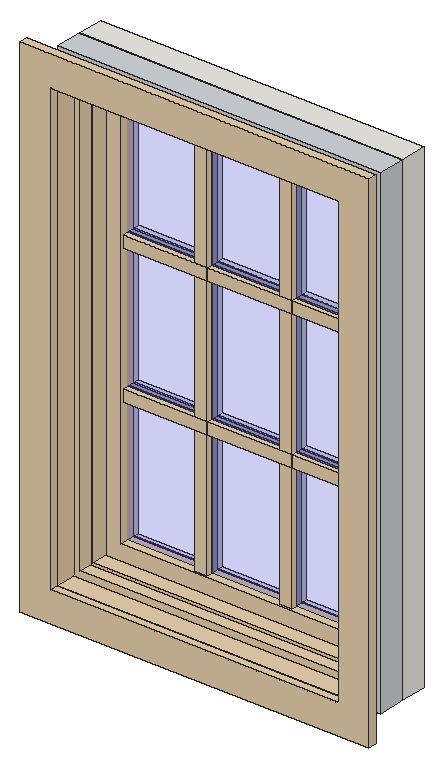
Revit family "Window-Casement_Fixed-Andersen-E_Series 2", category Windows, host Wall, Revit 2013
Parameters
  Learn About These Parameters = "http://www.andersenwindows.com/for-professionals/cad-symbols-bim-support-window-doors/bim-support"
  LWide = if(Enter Pattern Number = 1, . . Lights Wide, if(Enter Pattern Number = 3, . . .Lights Wide, 3))  # 3
  Glazing Material = Glass ‐ Andersen - Low-E4 SmartSun
  Enter Jamb Condition = 1
  ..Jamb Condition Number 1 = "Extension Jamb Only"  # constant formula
  ..Jamb Condition Number 2 = "Step Jamb"  # constant formula
  ..Jamb Condition Number 3 = "1 Piece Step Jamb"  # constant formula
  ..Jamb Condition Number 4 = "7/16'' Drywall Return"  # constant formula
  ..Jamb Condition Number 5 = "9/16'' Drywall Return"  # constant formula
  ..Jamb Condition Number 6 = "11/16'' Drywall Return"  # constant formula
  Available Grille Bar Sizes = "5/8'', 7/8'', 1 1/8'', 1 1/2'', 2 1/4''"  # constant formula
  Between Glass Grille Bar Sizes = "5/8'', 1''"  # constant formula
  Interior Casing = yes
  Grille Bar Size = 0' - 0 7/8"
  Enter Pattern Number = 1
  ..Pattern Number 1 = "Traditional"  # constant formula
  . . Lights Wide = 3
  . . Lights High = 3
  ..Pattern Number 2 = "Prairie"  # constant formula
  ..Pattern Number 3 = "Craftsman"  # constant formula
  . . .Lights Wide = 3
  Extension Jamb = yes
  . . .Lights High = 1
  . . .Bottom Bar Location = 1' - 6"
  . . .Bottom Bar Size = 0' - 0 7/8"
  Enter Exterior Trim Number = 0
  ..Exterior Trim Number 0 = "No Exterior Trim"  # constant formula
  ..Exterior Trim Number 1 = "2'' Brick Mould (A753)"  # constant formula
  ..Exterior Trim Number 2 = "2'' Ovolo Brick Mould (A754)"  # constant formula
  ..Exterior Trim Number 3 = "3 1/2'' Brick Mould (A755)"  # constant formula
  ..Exterior Trim Number 4 = "3 1/2'' Backband & Bead Casing (A756)"  # constant formula
  ..Exterior Trim Number 5 = "3 1/2'' Flat Casing (A75B)"  # constant formula
  ..Exterior Trim Number 6 = "5 1/2'' Flat Casing (A758)"  # constant formula
  Interior Grille Bar = yes
  Exterior Grille Bar = yes
  Between Glass Grille Bar = yes
  xjamb Visibility [instance] = and(or(and(or(Enter Jamb Condition = 1, Enter Jamb Condition = 2), Wall Depth > 0' 2 7/8"), and(Enter Jamb Condition = 3, Wall Depth > 0' 4 9/16")), Extension Jamb)  # yes
  xjamb S1 [instance] = if(and(Wall Depth > 0' 4 9/16", Enter Jamb Condition = 3), Wall Depth - 0' 4 9/16", if(Wall Depth > 0' 3", Wall Depth - 0' 2 7/8", 0' 3"))  # 0' - 1 11/16"
  sill nose1 = if(or(Enter Exterior Trim Number = 2, Enter Exterior Trim Number = 3), 0' 2 3/4", 0' 1 7/8")  # 0' - 1 7/8"
  sill nose 2 = 0' - 1 1/8"  # constant formula
  casingS2 = if(Enter Exterior Trim Number = 3, 0' 0 7/8", 0' 0 3/8")  # 0' - 0 3/8"
  casingS1 = if(Enter Exterior Trim Number = 1, 0' 0 5/8", if(or(Enter Exterior Trim Number = 2, Enter Exterior Trim Number = 3), 0' 1 1/2", 0' 0 3/8"))  # 0' - 0 3/8"
  casing4 = if(or(Enter Exterior Trim Number = 1, Enter Exterior Trim Number = 2), 0' 1 5/8", if(Enter Exterior Trim Number = 6, 0' 5 1/8", 0' 3 1/8"))  # 0' - 3 1/8"
  casing3 = if(Enter Exterior Trim Number = 1, 0' 0 3/8", if(Enter Exterior Trim Number = 2, 0' 0 5/16", 0' 0 9/16"))  # 0' - 0 9/16"
  casing2 = if(Enter Exterior Trim Number = 1, 0' 0 7/8", if(Enter Exterior Trim Number = 2, 0' 1 9/16", 0' 1 7/16"))  # 0' - 1 7/16"
  casing1 = 0' - 0 1/4"  # constant formula
  Xjamb 2 = if(or(Enter Jamb Condition = 2, Enter Jamb Condition = 3), 0' 0 1/32", 0' 0 11/16")  # 0' - 0 11/16"
  Xjamb 1 = if(or(Enter Jamb Condition = 2, Enter Jamb Condition = 3), 0' 0 5/8", 0' 1 9/32")  # 0' - 1 9/32"
  Wall Thickness [instance] = 0' - 6"
  Wall Depth [instance] = 0' - 4 9/16"
  Void Offset 2 = if(Enter Exterior Trim Number > 0, 0' 1 1/8", 0' 0")  # 0' - 0"
  Void Offset 1 = if(Enter Exterior Trim Number > 0, casing4, 0' 0")  # 0' - 0"
  Void Depth [instance] = if(Wall Thickness > Wall Depth, 0' 1" + Wall Thickness - Wall Depth, 0' 1")  # 0' - 2 7/16"
  VeriLock Sensor [instance] = no
  VGB DLO = if(Enter Pattern Number = 2, 0' 4", (H DLO - (Grille Bar Size * (V Bars))) / if(LWide > 2, LWide, 3))  # 0' - 5.39583"
  V Bars = if(LWide > 2, LWide - 1, 2)  # 2
  URL = "www.eaglewindow.com"
  Type Comments = "Aluminum-clad wood fixed casement window"
  TS V DLO = Height - HGO - SGO  # 2' - 5 15/16"
  TS V Bar Length = if(Enter Pattern Number = 3, . . .Bottom Bar Location - HGO - (. . .Bottom Bar Size / 2), Height - HGO - SGO)  # 2' - 5 15/16"
  TS SH DLO = if(Enter Pattern Number = 3, . . .Bottom Bar Location, (TS V DLO / 2) + HGO)  # 1' - 6"
  TS S V = LWide = 2  # no
  TS S H Craftsman = and(Enter Pattern Number = 3, . . .Lights High = 2)  # no
  TS S H = or(and(. . Lights High = 2, or(or(Enter Pattern Number = 3), Enter Pattern Number = 1)), Enter Pattern Number = 3)  # no
  TS M V = or(or(and(LWide > 2, Enter Pattern Number = 1), Enter Pattern Number = 2), and(LWide > 2, Enter Pattern Number = 3))  # yes
  TS M H = or(or(and(. . Lights High > 2, Enter Pattern Number = 1), Enter Pattern Number = 2), and(. . .Lights High > 2, Enter Pattern Number = 3))  # yes
  TS HGB DLO = if(Enter Pattern Number = 2, 0' 4", if(and(Enter Pattern Number = 3, . . .Lights High > 2), (TS V Bar Length - (Grille Bar Size * (. . .Lights High - 1))) / . . .Lights High, if(. . Lights High > 2, (TS V Bar Length - (Grille Bar Size * (. . Lights High - 1))) / . . Lights High, 0' 4")))  # 0' - 9.39583"
  TS H Bars = if(Enter Pattern Number = 2, 2, if(and(Enter Pattern Number = 3, . . .Lights High > 2), . . .Lights High - 1, if(. . Lights High > 2, . . Lights High - 1, 2)))  # 2
  Step Visibility = or(or(or(or(Enter Jamb Condition = 2, Enter Jamb Condition = 3), Enter Jamb Condition = 4), Enter Jamb Condition = 5), Enter Jamb Condition = 6)  # no
  Step Jamb2 = if(Enter Jamb Condition = 2, 0' 0 21/32", if(Enter Jamb Condition = 3, 0' 1 11/16", if(Enter Jamb Condition = 4, 0' 0 7/16", if(Enter Jamb Condition = 5, 0' 0 9/16", 0' 0 11/16"))))  # 0' - 0 11/16"
  Step Jamb1 = if(Enter Jamb Condition = 2, 0' 0 21/32", 0' 1 9/32")  # 0' - 1 9/32"
  Sill Stop Dim [instance] = 0' - 2 25/32"
  SGO = 0' - 3 1/32"  # constant formula
  Rough Width = Width + (Rough Opening Offset * 2)  # 2' - 0 1/2"
  Rough Opening Offset = 0' - 0 1/4"
  Rough Height = Height + (Rough Opening Offset * 2)  # 3' - 0 1/2"
  Push Out Stop Visibility [instance] = no
  Product Documentation Link = "http://www.eaglewindow.com/_Products/Eagle-Axiom-Casement-Windows.aspx"
  Plan Exterior Mask Visibility [instance] = Plan Exterior Mask 2 > 0' 0 1/32"  # yes
  Plan Exterior Mask 2 [instance] = if(Enter Exterior Trim Number > 0, if(Wall Depth + 0' 1 1/16" + casingS1 > Wall Thickness, 0' 0 1/32", Wall Thickness - Wall Depth - 0' 1 1/16" - casingS1), if(Wall Depth + 0' 1 1/16" > Wall Thickness, 0' 0 1/32", Wall Thickness - Wall Depth - 0' 0 1/16"))  # 0' - 1 3/8"
  Plan Exterior Mask [instance] = if(Enter Exterior Trim Number > 0, 0' 1 1/16" + casingS1, 0' 1 1/16")  # 0' - 1 1/16"
  Nail Fin Visibility = Enter Exterior Trim Number = 0  # yes
  Model = "E-Series Fixed Casement"  # constant formula
  Masonry Width = if(Enter Exterior Trim Number > 0, Width + ((casing4 + Masonry Opening Offset) * 2), Width + (Masonry Opening Offset * 2))  # 2' - 0 1/2"
  Masonry Opening Offset = 0' - 0 1/4"
  Masonry Height = if(Enter Exterior Trim Number > 0, Height + (casing4 + Masonry Opening Offset) + (sill nose 2 + Masonry Opening Offset), Height + (Masonry Opening Offset * 2))  # 3' - 0 1/2"
  Manufacturer = "Andersen Corporation"  # constant formula
  JGO = 0' - 3 1/32"  # constant formula
  Interior Trim Visibility = and(or(or(Enter Jamb Condition = 1, Enter Jamb Condition = 2), Enter Jamb Condition = 3), Interior Casing)  # yes
  Interior Material = Wood - Andersen - Pine
  Interior Casing Size = 0' - 2 1/4"
  Horizontal Craftsman Bar Size = if(Enter Pattern Number = 3, . . .Bottom Bar Size, Grille Bar Size)  # 0' - 0 7/8"
  Height = 3' - 0"
  Head Stop Dim [instance] = 0' - 1 7/8"
  HGO = 0' - 3 1/32"  # constant formula
  H DLO = Width - (JGO * 2)  # 1' - 5 15/16"
  Family Version = "06.01.14"  # constant formula
  Exterior Trim Finish = Aluminum - Andersen - Painted - White
  Exterior Sash Finish = Aluminum - Andersen - Painted - White
  Exterior Grille Bar Finish = Aluminum - Andersen - Painted - White
  Exterior Frame Finish = Aluminum - Andersen - Painted - White
  Designation = "CMT2030"
  Description = "Aluminum-clad wood fixed casement window"  # constant formula
  Default Sill Height = 6' 10 1/2" - Rough Height  # 3' - 10"
  Wall Closure = By host
  Width = 2' - 0"
  Crank Out Stop Visibility [instance] = yes
  Coarse Plan [instance] = if(Wall Depth < Wall Thickness, Wall Depth, Wall Thickness)  # 0' - 4 9/16"
  Casing Visibility = Enter Exterior Trim Number > 0  # no
  Between Glass Grille Bar Finish = Stainless Steel - Andersen - Standard
  Bar Center Line = if(Enter Pattern Number = 3, 1, 2)  # 2
  Assembly Code = "B2020100"
Reference planes (in)
  plane 1 "Center (Front/Back)": y = 0
  plane 2: z = 0
  plane 3 "Center (Left/Right)": x = 0
  plane 4 "R Frame": x = -12
  plane 5 "L Frame": x = 12
  plane 6 "B Frame": z = 46.25
  plane 7 "T Frame": z = 82.25
  plane 8 "L Glazing": x = 8.96875
  plane 9 "L Ext Frame": x = 11.43719
  plane 10 "L Stop": x = 10.0625
  plane 11 "L Xjamb 1": x = 10.71875
  plane 12 "L Casing 1": x = 11.75
  plane 13 "L Xjamb 2": x = 11.3125
  plane 14 "L Rough Opening": x = 12.25
  plane 15 "L Casing 2": x = 13.6875
  plane 16 "L Casing 3": x = 14.5625
  plane 17 "L Casing 4": x = 15.125
  plane 18 "R Glazing": x = -8.96875
  plane 19 "R Ext Frame": x = -11.43719
  plane 20 "R Stop": x = -10.0625
  plane 21 "R Xjamb 1": x = -10.71875
  plane 22 "R Casing 1": x = -11.75
  plane 23 "R Xjamb 2": x = -11.3125
  plane 24 "R Rough Opening": x = -12.25
  plane 25 "R Casing 2": x = -13.6875
  plane 26 "R Casing 3": x = -14.5625
  plane 27 "R Casing 4": x = -15.125
  plane 28 "R Int Casing": x = -12.96875
  plane 29 "T Glazing": z = 79.21875
  plane 30 "T Ext Frame": z = 81.68689
  plane 31 "T Xjamb 1": z = 80.96875
  plane 32 "T Casing 1": z = 82
  plane 33 "T Xjamb 2": z = 81.5625
  plane 34 "T Rough Opening": z = 82.5
  plane 35 "T Casing 2": z = 83.9375
  plane 36 "T Casing 3": z = 84.8125
  plane 37 "T Casing 4": z = 85.375
  plane 38 "T Int Casing": z = 83.21875
  plane 39 "B Glazing": z = 49.28125
  plane 40 "B Ext Frame": z = 46.81311
  plane 41 "B Xjamb 2": z = 46.9375
  plane 42 "B Casing 1": z = 46.5
  plane 43 "B Casing 2": z = 45.125
  plane 44 "B Int Casing": z = 45.28125
  plane 45 "L Int Casing": x = 12.96875
  plane 46 "Casing S1": y = 3
  plane 47 "Casing S2": y = 3
  plane 48 "Frame S1": y = 2.625
  plane 49 "Flange": y = 1.5625
  plane 50 "Glass1 S1": y = 1.89325
  plane 51 "Glass1 S2": y = 1.76825
  plane 52 "Glass1 S3": y = 1.39325
  plane 53 "Glass1 S4": y = 1.26825
  plane 54 "Sash1 S2": y = 0.68575
  plane 55 "Frame S2": y = -1.317
  plane 56 "B Xjamb 1": z = 47.53125
  plane 57 "Exterior Offset": y = 4
  plane 58 "Interior Casing": y = -3.625
  plane 59 "Vertical Bar Length": z = 49.28125
  plane 60 "B Rough Opening": z = 46
  plane 61 "R Masonry Opening": x = -15.375
  plane 62 "L Masonry Opening": x = 15.375
  plane 63 "T Masonry Opening": z = 85.625
  plane 64 "B Masonry Opening": z = 44.875
  plane 65 "Xjamb S1": y = -1.3125
  plane 66 "Sash1 S1": y = 2.26825
  plane 67 "R Sash": x = -11.24846
  plane 68 "L Sash": x = 11.24846
  plane 69 "Stop S1": y = -1.505
  plane 70 "B Sash": z = 46.99975
  plane 71 "T Sash": z = 81.5
  plane 72 "T Int Frame": z = 80.9375
  plane 73 "B Int Frame": z = 47.5625
  plane 74 "L Int Frame": x = 10.6875
  plane 75 "R Int Frame": x = -10.6875
  plane 76 "T Stop": z = 80.375
  plane 77 "B Stop": z = 49.03125
Forms (in)
  Extrusion 1, void
    sketch origin (0, 0, 0) x (1, 0, 0) y (0, 0, 1)
      loop
        line (12, 82.25) -> (-12, 82.25) -> (-12, 46.25) -> (12, 46.25) -> (12, 82.25)
    from -1.5625 to 3
  Extrusion 2, void
    sketch origin (0, 0, 0) x (1, 0, 0) y (0, 0, 1)
      loop
        line (12, 82.25) -> (-12, 82.25) -> (-12, 46.25) -> (12, 46.25) -> (12, 82.25)
    from -15 to -1.5625
  Extrusion 3, solid, material "Wood - Andersen - Pine" <- "Interior Material", visible <- "xjamb Visibility", detail levels medium+fine
    sketch origin (0, -2.5625, 0) x (-1, 0, 0) y (0, 0, 1)
      loop
        line (11.3125, 81.5625) -> (-11.3125, 81.5625) -> (-11.3125, 46.9375) -> (11.3125, 46.9375) -> (11.3125, 81.5625)
      loop
        line (10.71875, 80.96875) -> (-10.71875, 80.96875) -> (-10.71875, 47.53125) -> (10.71875, 47.53125) -> (10.71875, 80.96875)
    from 1.25 to -0.4375
  Extrusion 4, solid, material "Wood - Andersen - Pine" <- "Interior Material", visible <- "Interior Trim Visibility", detail levels fine
    sketch origin (0, -3.625, 0) x (-1, 0, 0) y (0, 0, 1)
      loop
        line (12.96875, 83.21875) -> (-12.96875, 83.21875) -> (-12.96875, 45.28125) -> (12.96875, 45.28125) -> (12.96875, 83.21875)
      loop
        line (10.71875, 80.96875) -> (-10.71875, 80.96875) -> (-10.71875, 47.53125) -> (10.71875, 47.53125) -> (10.71875, 80.96875)
    from 0 to 0.625
  Extrusion 5, solid, material "Aluminum - Andersen - Painted - White" <- "Exterior Trim Finish", visible <- "Casing Visibility", detail levels medium+fine
    sketch origin (0, 0, 0) x (0, 1, 0) y (0, 0, 1)
      loop
        line (2.625, 46.5) -> (1.5625, 46.5) -> (1.5625, 45.125) -> (3.4375, 45.125) -> (3.4375, 46.38581) -> (2.625, 46.5)
    from -15.125 to 15.125
  Sweep 6, solid, material "Aluminum - Andersen - Painted - White" <- "Exterior Trim Finish", visible <- "Casing Visibility", detail levels medium+fine
    path origin (0, 1.5625, 0) x (-1, 0, 0) y (0, 0, 1)
      loop
        line (-15.125, 45.125) -> (-15.125, 85.375) -> (15.125, 85.375) -> (15.125, 45.125)
    profile origin (15.125, 1.5625, 65.25) x (1, 0, 0) y (0, 1, 0)
      loop
        line (-1.4375, 1.4375) -> (-3.375, 1.4375) -> (-3.375, 0) -> (0, 0) -> (0, 1.4375) -> (-0.5625, 1.4375) -> (-1.4375, 1.4375)
  Extrusion 7, solid, material "Aluminum - Andersen - Painted - White" <- "Exterior Trim Finish", visible <- "Casing Visibility", detail levels coarse
    sketch origin (0, 1.5625, 0) x (-1, 0, 0) y (0, 0, 1)
      loop
        line (-15.125, 85.375) -> (-15.125, 45.125) -> (15.125, 45.125) -> (15.125, 85.375) -> (-15.125, 85.375)
      loop
        line (-11.75, 82) -> (-11.75, 46.5) -> (11.75, 46.5) -> (11.75, 82) -> (-11.75, 82)
    from 0 to 1.4375
  Extrusion 8, solid, material "Wood - Andersen - Pine" <- "Interior Material"
    sketch origin (0, 0.68575, 0) x (-1, 0, 0) y (0, 0, 1)
      loop
        line (11.24846, 81.5) -> (-11.24846, 81.5) -> (-11.24846, 46.99975) -> (11.24846, 46.99975) -> (11.24846, 81.5)
      loop
        line (8.96875, 79.21875) -> (-8.96875, 79.21875) -> (-8.96875, 49.28125) -> (8.96875, 49.28125) -> (8.96875, 79.21875)
    from 0 to 1.2075
  Extrusion 9, solid, material "Aluminum - Andersen - Painted - White" <- "Exterior Sash Finish"
    sketch origin (0, 80.71747, 0) x (-1, 0, 0) y (0, 0, 1)
      loop
        line (-8.96875, 79.21875) -> (-8.96875, 49.28125) -> (8.96875, 49.28125) -> (8.96875, 79.21875) -> (-8.96875, 79.21875)
      loop
        line (-11.24846, 46.99975) -> (11.24846, 46.99975) -> (11.24846, 81.5) -> (-11.24846, 81.5) -> (-11.24846, 46.99975)
    from -78.44922 to -78.82422
  Extrusion 10, solid, material "Glass ‐ Andersen - Low-E4 SmartSun" <- "Glazing Material"
    sketch origin (0, 1.26825, 0) x (-1, 0, 0) y (0, 0, 1)
      loop
        line (-8.96875, 79.21875) -> (-8.96875, 49.28125) -> (8.96875, 49.28125) -> (8.96875, 79.21875) -> (-8.96875, 79.21875)
    from 0 to 0.625
  Extrusion 11, solid, material "Aluminum - Andersen - Painted - White" <- "Exterior Frame Finish"
    sketch origin (0, 0, 0) x (1, 0, 0) y (0, 0, 1)
      loop
        line (12, 82.25) -> (-12, 82.25) -> (-12, 46.25) -> (12, 46.25) -> (12, 82.25)
      loop
        line (11.43719, 81.68689) -> (-11.43719, 81.68689) -> (-11.43719, 46.81311) -> (11.43719, 46.81311) -> (11.43719, 81.68689)
    from -2.625 to -0.68575
  Extrusion 12, solid
    sketch origin (0, 0, 0) x (1, 0, 0) y (0, 0, 1)
      loop
        line (12, 82.25) -> (-12, 82.25) -> (-12, 46.25) -> (12, 46.25) -> (12, 82.25)
      loop
        line (10.6875, 80.9375) -> (-10.6875, 80.9375) -> (-10.6875, 47.5625) -> (10.6875, 47.5625) -> (10.6875, 80.9375)
    from -0.68575 to 1.317
  Sweep 13, solid, material "Wood - Andersen - Pine" <- "Interior Material", visible <- "Step Visibility", detail levels medium+fine
    path origin (0, 1.5625, 0) x (-1, 0, 0) y (0, 0, 1)
      loop
        line (12, 46.25) -> (12, 82.25) -> (-12, 82.25) -> (-12, 46.25) -> (12, 46.25)
    profile origin (-12, 1.5625, 64.25) x (1, 0, 0) y (0, 1, 0)
      loop
        line (0, -2.8795) -> (0, -3.567) -> (1.28125, -3.567) -> (1.28125, -2.8795) -> (0, -2.8795)
  Sweep 14, solid, material "Wood - Andersen - Pine" <- "Interior Material", detail levels medium+fine
    path origin (0, 1.5625, 0) x (-1, 0, 0) y (0, 0, 1)
      loop
        line (-12, 82.25) -> (-12, 46.25) -> (12, 46.25) -> (12, 82.25) -> (-12, 82.25)
    profile origin (12, 1.5625, 64.25) x (0, 1, 0) y (-1, 0, 0)
      loop
        line (-0.87675, 1.9375) -> (-2.0675, 1.9375) -> (-2.0675, 1.7495) -> (-3.0675, 1.7495) -> (-3.0675, 1.3125) -> (-0.87675, 1.3125) -> (-0.87675, 1.9375)
Cuts and joins
  joined: Extrusion 5, Sweep 6
Lines and regions (in)
  Masking region 1, detail levels medium+fine
    outline origin (0, 0, 46.25) x (0, -1, 0) y (1, 0, 0)
      loop
        line (-2.625, -12) -> (1.317, -12) -> (1.317, -10.6875) -> (1.505, -10.6875) -> (1.505, 10.6875) -> (1.317, 10.6875) -> (1.317, 12) -> (-2.625, 12) -> (-2.625, -12)
  Masking region 2, visible <- "Casing Visibility", detail levels medium+fine
    outline origin (0, 0, 46.25) x (0, -1, 0) y (1, 0, 0)
      loop
        line (-2.625, -12) -> (-2.625, 12) -> (-1.5625, 12) -> (-1.5625, 15.125) -> (-3, 15.125) -> (-3, -15.125) -> (-1.5625, -15.125) -> (-1.5625, -12) -> (-2.625, -12)
  Masking region 3, visible <- "Nail Fin Visibility", detail levels coarse
    outline origin (0, 0, 46.25) x (0, -1, 0) y (1, 0, 0)
      loop
        line (-4, -12) -> (3, -12) -> (3, 12) -> (-4, 12) -> (-4, -12)
  Masking region 4
    outline origin (0, 0, 0) x (0, 1, 0) y (0, 0, 1)
      loop
        line (2.625, 82.25) -> (-1.317, 82.25) -> (-1.317, 80.9375) -> (-1.505, 80.9375) -> (-1.505, 47.5625) -> (-1.317, 47.5625) -> (-1.317, 46.25) -> (2.625, 46.25) -> (2.625, 82.25)
  Masking region 5, visible <- "Casing Visibility"
    outline origin (0, 0, 0) x (0, 1, 0) y (0, 0, 1)
      loop
        line (2.625, 46.5) -> (2.625, 46.25) -> (1.5625, 46.25) -> (1.5625, 45.125) -> (3.4375, 45.125) -> (3.4375, 46.38581) -> (2.625, 46.5)
  Masking region 6, visible <- "Casing Visibility"
    outline origin (0, 0, 0) x (0, 1, 0) y (0, 0, 1)
      loop
        line (2.625, 82.25) -> (2.625, 46.5) -> (3, 46.4473) -> (3, 85.375) -> (1.5625, 85.375) -> (1.5625, 82.25) -> (2.625, 82.25)
  Masking region 7, visible <- "Casing Visibility"
    outline origin (0, 2.625, 0) x (-1, 0, 0) y (0, 0, 1)
      loop
        line (-15.125, 85.375) -> (-15.125, 45.125) -> (15.125, 45.125) -> (15.125, 85.375) -> (-15.125, 85.375)
  Masking region 8
    outline origin (0, 2.625, 0) x (-1, 0, 0) y (0, 0, 1)
      loop
        line (-12, 82.25) -> (-12, 46.25) -> (12, 46.25) -> (12, 82.25) -> (-12, 82.25)
  Masking region 9
    outline origin (0, -1.317, 0) x (-1, 0, 0) y (0, 0, 1)
      loop
        line (12, 82.25) -> (-12, 82.25) -> (-12, 46.25) -> (12, 46.25) -> (12, 82.25)
  Masking region 10, visible <- "Interior Trim Visibility", detail levels fine
    outline origin (0, -3.625, 0) x (-1, 0, 0) y (0, 0, 1)
      loop
        line (12.96875, 83.21875) -> (-12.96875, 83.21875) -> (-12.96875, 45.28125) -> (12.96875, 45.28125) -> (12.96875, 83.21875)
      loop
        line (10.71875, 80.96875) -> (-10.71875, 80.96875) -> (-10.71875, 47.53125) -> (10.71875, 47.53125) -> (10.71875, 80.96875)
  Masking region 11, visible <- "Casing Visibility", detail levels coarse
    outline origin (0, 0, 46.25) x (0, -1, 0) y (1, 0, 0)
      loop
        line (-4, -15.125) -> (-1.5625, -15.125) -> (-1.5625, -12) -> (3, -12) -> (3, 12) -> (-1.5625, 12) -> (-1.5625, 15.125) -> (-4, 15.125) -> (-4, -15.125)
  Masking region 12, visible <- "Step Visibility", detail levels medium+fine
    outline origin (0, 0, 0) x (0, 1, 0) y (0, 0, 1)
      loop
        line (-1.3125, 82.25) -> (-2.0045, 82.25) -> (-2.0045, 46.25) -> (-1.3125, 46.25) -> (-1.3125, 47.5625) -> (-1.505, 47.5625) -> (-1.505, 80.9375) -> (-1.3125, 80.9375) -> (-1.3125, 82.25)
  Masking region 13, visible <- "xjamb Visibility", detail levels medium+fine
    outline origin (0, 0, 0) x (0, 1, 0) y (0, 0, 1)
      loop
        line (-1.3125, 81.5625) -> (-3, 81.5625) -> (-3, 46.9375) -> (-1.3125, 46.9375) -> (-1.3125, 47.5625) -> (-1.505, 47.5625) -> (-1.505, 80.9375) -> (-1.3125, 80.9375) -> (-1.3125, 81.5625)
  Masking region 14, visible <- "Interior Trim Visibility", detail levels fine
    outline origin (0, 0, 0) x (0, 1, 0) y (0, 0, 1)
      loop
        line (-3, 83.21875) -> (-3.625, 83.21875) -> (-3.625, 45.28125) -> (-3, 45.28125) -> (-3, 83.21875)
  Masking region 15, visible <- "Step Visibility", detail levels medium+fine
    outline origin (0, 0, 46.25) x (0, -1, 0) y (1, 0, 0)
      loop
        line (1.3125, -12) -> (2.0045, -12) -> (2.0045, 12) -> (1.3125, 12) -> (1.3125, 10.6875) -> (1.505, 10.6875) -> (1.505, -10.6875) -> (1.3125, -10.6875) -> (1.3125, -12)
  Masking region 16, visible <- "xjamb Visibility", detail levels medium+fine
    outline origin (0, 0, 46.25) x (0, -1, 0) y (1, 0, 0)
      loop
        line (1.3125, -11.3125) -> (3, -11.3125) -> (3, 11.3125) -> (1.3125, 11.3125) -> (1.3125, 10.6875) -> (1.505, 10.6875) -> (1.505, -10.6875) -> (1.3125, -10.6875) -> (1.3125, -11.3125)
  Masking region 17, visible <- "Interior Trim Visibility", detail levels fine
    outline origin (0, 0, 46.25) x (0, -1, 0) y (1, 0, 0)
      loop
        line (3, -12.96875) -> (3.625, -12.96875) -> (3.625, 12.96875) -> (3, 12.96875) -> (3, -12.96875)
  symbolic lines, style "WindowsFrameMullionProjection", visible <- "Casing Visibility", detail levels fine
    curve 1: line (14.5625, 3, 46.25) -> (13.6875, 3, 46.25)
    curve 2: line (13.6875, 3, 46.25) -> (11.75, 3, 46.25)
    curve 3: line (11.75, 3, 46.25) -> (11.75, 2.625, 46.25)
    curve 4: line (-14.5625, 3, 46.25) -> (-13.6875, 3, 46.25)
    curve 5: line (-13.6875, 3, 46.25) -> (-11.75, 3, 46.25)
    curve 6: line (-11.75, 3, 46.25) -> (-11.75, 2.625, 46.25)
  symbolic lines, style "WindowsGlassProjection", detail levels medium+fine
    curve 7: line (-8.96875, 1.89325, 46.25) -> (8.96875, 1.89325, 46.25)
    curve 10: line (-8.96875, 1.26825, 46.25) -> (8.96875, 1.26825, 46.25)
  symbolic lines, style "WindowsGlassProjection", detail levels fine
    curve 8: line (-8.96875, 1.76825, 46.25) -> (8.96875, 1.76825, 46.25)
    curve 9: line (-8.96875, 1.39325, 46.25) -> (8.96875, 1.39325, 46.25)
    curve 27: line (0, 1.76825, 79.21875) -> (0, 1.76825, 49.28125)
    curve 28: line (0, 1.39325, 79.21875) -> (0, 1.39325, 49.28125)
    curve 80: line (-8.96875, 1.76875, 0) -> (-9.59375, 1.76875, 0)
    curve 81: line (-8.96875, 1.39375, 0) -> (-9.59375, 1.39375, 0)
    curve 82: line (-9.0935, 1.39375, 0) -> (-9.0935, 1.76875, 0)
    curve 102: line (8.96875, 1.76875, 0) -> (9.59375, 1.76875, 0)
    curve 103: line (8.96875, 1.39375, 0) -> (9.59375, 1.39375, 0)
    curve 104: line (9.0935, 1.39375, 0) -> (9.0935, 1.76875, 0)
    curve 128: line (0, 1.76825, 49.28125) -> (0, 1.76825, 48.65625)
    curve 129: line (0, 1.39325, 49.28125) -> (0, 1.39325, 48.65625)
    curve 130: line (0, 1.76825, 49.15625) -> (0, 1.39325, 49.15625)
    curve 137: line (0, 1.76825, 79.85419) -> (0, 1.76825, 79.21875)
    curve 138: line (0, 1.39325, 79.85419) -> (0, 1.39325, 79.21875)
    curve 139: line (0, 1.76825, 79.35419) -> (0, 1.39325, 79.35419)
  symbolic lines, style "WindowsFrameMullionProjection", detail levels medium
    curve 11: line (-11.24846, 2.26825, 46.25) -> (-8.96875, 2.26825, 46.25)
    curve 12: line (-8.96875, 2.26825, 46.25) -> (-8.96875, 0.68575, 46.25)
    curve 13: line (-8.96875, 0.68575, 46.25) -> (-10.0625, 0.68575, 46.25)
    curve 14: line (-11.24846, 2.625, 46.25) -> (-11.24846, 2.26825, 46.25)
    curve 15: line (11.24846, 2.26825, 46.25) -> (8.96875, 2.26825, 46.25)
    curve 16: line (8.96875, 2.26825, 46.25) -> (8.96875, 0.68575, 46.25)
    curve 17: line (8.96875, 0.68575, 46.25) -> (10.0625, 0.68575, 46.25)
    curve 18: line (11.24846, 2.625, 46.25) -> (11.24846, 2.26825, 46.25)
    curve 105: line (10.0625, 0.68575, 0) -> (10.0625, -1.505, 0)
    curve 106: line (-10.0625, 0.68575, 0) -> (-10.0625, -1.505, 0)
  symbolic lines, style "WindowsFrameMullionProjection", detail levels coarse
    curve 19: line (-10.0625, -3, 46.25) -> (-10.0625, 4, 46.25)
    curve 20: line (10.0625, -3, 46.25) -> (10.0625, 4, 46.25)
  symbolic lines, style "WindowsGlassProjection", detail levels coarse
    curve 21: line (-10.0625, 0, 46.25) -> (10.0625, 0, 46.25)
    curve 22: line (-10.0625, 1, 46.25) -> (10.0625, 1, 46.25)
  symbolic lines, style "WindowsFrameMullionProjection", visible <- "Casing Visibility"
    curve 23: line (0, 3, 84.8125) -> (0, 3, 83.9375)
    curve 24: line (0, 3, 83.9375) -> (0, 3, 82)
    curve 25: line (0, 3, 82) -> (0, 2.625, 82)
    curve 46: line (0, 1.5625, 87) -> (0, 1.5625, 85.375)
    curve 47: line (0, 1.5625, 43.5) -> (0, 1.5625, 45.125)
  symbolic lines, style "WindowsGlassProjection"
    curve 26: line (0, 1.89325, 79.21875) -> (0, 1.89325, 49.28125)
    curve 29: line (0, 1.26825, 79.21875) -> (0, 1.26825, 49.28125)
  symbolic lines, style "WindowsFrameMullionProjection", detail levels medium+fine
    curve 30: line (11.24846, 2.625, 81.5) -> (-11.24846, 2.625, 81.5)
    curve 31: line (11.24846, 2.625, 46.99975) -> (11.24846, 2.625, 81.5)
    curve 32: line (-11.24846, 2.625, 46.99975) -> (11.24846, 2.625, 46.99975)
    curve 33: line (-11.24846, 2.625, 81.5) -> (-11.24846, 2.625, 46.99975)
    curve 38: line (-10.0625, -1.317, 80.375) -> (10.0625, -1.317, 80.375)
    curve 39: line (-10.0625, -1.317, 49.03125) -> (-10.0625, -1.317, 80.375)
    curve 40: line (10.0625, -1.317, 49.03125) -> (-10.0625, -1.317, 49.03125)
    curve 41: line (10.0625, -1.317, 80.375) -> (10.0625, -1.317, 49.03125)
    curve 146: line (-10.6875, -1.317, 80.9375) -> (10.6875, -1.317, 80.9375)
    curve 147: line (-10.6875, -1.317, 47.5625) -> (-10.6875, -1.317, 80.9375)
    curve 148: line (10.6875, -1.317, 47.5625) -> (-10.6875, -1.317, 47.5625)
    curve 149: line (10.6875, -1.317, 80.9375) -> (10.6875, -1.317, 47.5625)
  symbolic lines, style "WindowsFrameMullionProjection"
    curve 34: line (8.96875, 0, 79.21875) -> (-8.96875, 0, 79.21875)
    curve 35: line (8.96875, 0, 49.28125) -> (8.96875, 0, 79.21875)
    curve 36: line (-8.96875, 0, 79.21875) -> (-8.96875, 0, 49.28125)
    curve 37: line (-8.96875, 0, 49.28125) -> (8.96875, 0, 49.28125)
    curve 107: line (0, 2.14275, 81.65451) -> (0, 2.625, 81.68689)
    curve 108: line (0, -1.505, 80.9375) -> (0, 0.68525, 80.9375)
    curve 109: line (0, 0.68525, 80.3755) -> (0, -0.5055, 80.3755)
    curve 110: line (0, 0.68525, 80.9375) -> (0, 0.68525, 79.85419)
    curve 111: line (0, 0.68525, 79.85419) -> (0, 1.89325, 79.85419)
    curve 112: line (0, 1.26825, 79.21875) -> (0, 1.26825, 79.85419)
    curve 113: line (0, 2.26775, 79.49519) -> (0, 2.26775, 81.5)
    curve 114: line (0, 2.26775, 81.5) -> (0, 2.14275, 81.5)
    curve 115: line (0, 2.14275, 81.5) -> (0, 2.14275, 81.65451)
    curve 116: line (0, -0.5005, 48.125) -> (0, 0.68525, 48.125)
    curve 117: line (0, -0.5005, 47.9375) -> (0, -0.5005, 48.125)
    curve 118: line (0, -1.505, 47.5625) -> (0, 0.68525, 47.5625)
    curve 119: line (0, 2.14275, 46.84549) -> (0, 2.625, 46.81311)
    curve 120: line (0, 0.68525, 47.5625) -> (0, 0.68525, 48.65625)
    curve 121: line (0, 0.68525, 48.65625) -> (0, 1.89325, 48.65625)
    curve 122: line (0, 2.26775, 49.01525) -> (0, 2.26775, 46.99975)
    curve 123: line (0, 2.26775, 46.99975) -> (0, 2.14275, 46.99975)
    curve 124: line (0, 2.14275, 46.99975) -> (0, 2.14275, 46.84549)
    curve 125: line (0, 1.26825, 49.28125) -> (0, 1.26825, 48.65625)
    curve 126: line (0, 0.76524, 48.65625) -> (0, 0.76524, 49.19256)
    curve 127: line (0, 0.76524, 49.19256) -> (0, 1.26825, 49.28125)
    curve 131: line (0, 1.89325, 48.65625) -> (0, 1.89325, 49.28125)
    curve 132: line (0, 1.89325, 49.28125) -> (0, 2.02974, 49.28125)
    curve 133: line (0, 2.02974, 49.28125) -> (0, 2.16974, 49.01525)
    curve 134: line (0, 2.16974, 49.01525) -> (0, 2.26775, 49.01525)
    curve 135: line (0, 1.26825, 79.21875) -> (0, 0.77624, 79.3055)
    curve 136: line (0, 0.77624, 79.3055) -> (0, 0.77624, 79.85419)
    curve 140: line (0, 2.26775, 79.49519) -> (0, 2.18074, 79.49519)
    curve 141: line (0, 2.18074, 79.49519) -> (0, 2.03524, 79.21875)
    curve 142: line (0, 2.03524, 79.21875) -> (0, 1.89325, 79.21875)
    curve 143: line (0, 1.89325, 79.21875) -> (0, 1.89325, 79.85419)
    curve 169: line (0, -0.5055, 80.5625) -> (0, -1.505, 80.5625)
    curve 170: line (0, -0.5055, 80.5625) -> (0, -0.5055, 80.3755)
    curve 171: line (0, -1.505, 47.9375) -> (0, -0.5005, 47.9375)
  symbolic lines, style "WindowsFrameMullionProjection", visible <- "Casing Visibility", detail levels medium
    curve 42: line (-12, 2.625, 46.25) -> (-12, 3, 46.25)
    curve 43: line (12, 3, 46.25) -> (12, 2.625, 46.25)
  symbolic lines, style "WindowsFrameMullionProjection", visible <- "Casing Visibility", detail levels medium+fine
    curve 44: line (15.125, 1.5625, 46.25) -> (16.75, 1.5625, 46.25)
    curve 45: line (-16.75, 1.5625, 46.25) -> (-15.125, 1.5625, 46.25)
  symbolic lines, style "WindowsFrameMullionProjection", visible <- "Nail Fin Visibility", detail levels medium+fine
    curve 48: line (-12.00179, 1.5625, 0) -> (-13.50179, 1.5625, 0)
    curve 86: line (12.00179, 1.5625, 0) -> (13.50179, 1.5625, 0)
  symbolic lines, style "WindowsFrameMullionProjection", detail levels fine
    curve 49: line (-10.68929, -1.505, 0) -> (-10.68929, 0.68575, 0)
    curve 50: line (-10.06429, 0.68575, 0) -> (-10.06429, -0.505, 0)
    curve 51: line (-11.40664, 2.14325, 0) -> (-11.43899, 2.625, 0)
    curve 52: line (-9.59375, 0.68575, 0) -> (-10.68929, 0.68575, 0)
    curve 53: line (-11.40664, 2.14325, 0) -> (-11.25025, 2.14325, 0)
    curve 54: line (-11.25025, 2.14325, 0) -> (-11.25025, 2.26825, 0)
    curve 55: line (-11.25025, 2.26825, 0) -> (-9.2345, 2.26825, 0)
    curve 56: line (-8.96875, 2.03037, 0) -> (-8.96875, 1.89375, 0)
    curve 57: line (-8.96875, 1.89375, 0) -> (-9.59375, 1.89375, 0)
    curve 58: line (-9.59375, 1.89375, 0) -> (-9.59375, 0.68575, 0)
    curve 59: line (-8.96875, 1.26875, 0) -> (-9.59375, 1.26875, 0)
    curve 60: line (-9.05744, 0.76574, 0) -> (-8.96875, 1.26875, 0)
    curve 61: line (-9.59375, 0.76574, 0) -> (-9.05744, 0.76574, 0)
    curve 76: line (-9.2345, 2.26825, 0) -> (-9.2345, 2.17024, 0)
    curve 77: line (-9.2345, 2.17024, 0) -> (-8.96875, 2.03037, 0)
    curve 87: line (10.68929, -1.505, 0) -> (10.68929, 0.68575, 0)
    curve 88: line (10.06429, 0.68575, 0) -> (10.06429, -0.505, 0)
    curve 89: line (11.40664, 2.14325, 0) -> (11.43899, 2.625, 0)
    curve 90: line (9.59375, 0.68575, 0) -> (10.68929, 0.68575, 0)
    curve 91: line (11.40664, 2.14325, 0) -> (11.25025, 2.14325, 0)
    curve 92: line (11.25025, 2.14325, 0) -> (11.25025, 2.26825, 0)
    curve 93: line (11.25025, 2.26825, 0) -> (9.2345, 2.26825, 0)
    curve 94: line (8.96875, 2.03037, 0) -> (8.96875, 1.89375, 0)
    curve 95: line (8.96875, 1.89375, 0) -> (9.59375, 1.89375, 0)
    curve 96: line (9.59375, 1.89375, 0) -> (9.59375, 0.68575, 0)
    curve 97: line (8.96875, 1.26875, 0) -> (9.59375, 1.26875, 0)
    curve 98: line (9.05744, 0.76574, 0) -> (8.96875, 1.26875, 0)
    curve 99: line (9.59375, 0.76574, 0) -> (9.05744, 0.76574, 0)
    curve 100: line (9.2345, 2.26825, 0) -> (9.2345, 2.17024, 0)
    curve 101: line (9.2345, 2.17024, 0) -> (8.96875, 2.03037, 0)
    curve 150: line (-10.06429, -0.505, 0) -> (-10.2505, -0.505, 0)
    curve 151: line (-10.2505, -0.505, 0) -> (-10.2505, -1.505, 0)
    curve 154: line (10.06429, -0.505, 0) -> (10.2505, -0.505, 0)
    curve 155: line (10.2505, -0.505, 0) -> (10.2505, -1.505, 0)
  symbolic lines, style "WindowsFrameMullionProjection", visible <- "Nail Fin Visibility", not visible, detail levels medium+fine
    curve 62: line (-35.97166, 120.69666, 0) -> (-37.47166, 120.69666, 0)
  symbolic lines, style "WindowsFrameMullionProjection", not visible, detail levels fine
    curve 63: line (-34.65916, 117.62916, 0) -> (-34.65916, 119.81991, 0)
    curve 64: line (-34.03416, 119.81991, 0) -> (-34.03416, 118.62916, 0)
    curve 65: line (-35.3765, 121.27741, 0) -> (-35.40885, 121.75916, 0)
    curve 66: line (-33.56362, 119.81991, 0) -> (-34.65916, 119.81991, 0)
    curve 67: line (-35.3765, 121.27741, 0) -> (-35.22012, 121.27741, 0)
    curve 68: line (-35.22012, 121.27741, 0) -> (-35.22012, 121.40241, 0)
    curve 69: line (-35.22012, 121.40241, 0) -> (-33.20437, 121.40241, 0)
    curve 70: line (-32.93862, 121.16454, 0) -> (-32.93862, 121.02791, 0)
    curve 71: line (-32.93862, 121.02791, 0) -> (-33.56362, 121.02791, 0)
    curve 72: line (-33.56362, 121.02791, 0) -> (-33.56362, 119.81991, 0)
    curve 73: line (-32.93862, 120.40291, 0) -> (-33.56362, 120.40291, 0)
    curve 74: line (-33.02731, 119.8999, 0) -> (-32.93862, 120.40291, 0)
    curve 75: line (-33.56362, 119.8999, 0) -> (-33.02731, 119.8999, 0)
    curve 78: line (-33.20437, 121.40241, 0) -> (-33.20437, 121.3044, 0)
    curve 79: line (-33.20437, 121.3044, 0) -> (-32.93862, 121.16454, 0)
    curve 152: line (-34.03416, 118.62916, 0) -> (-34.22037, 118.62916, 0)
    curve 153: line (-34.22037, 118.62916, 0) -> (-34.22037, 117.62916, 0)
  symbolic lines, style "WindowsGlassProjection", not visible, detail levels fine
    curve 83: line (-32.93862, 120.90291, 0) -> (-33.56362, 120.90291, 0)
    curve 84: line (-32.93862, 120.52791, 0) -> (-33.56362, 120.52791, 0)
    curve 85: line (-33.06337, 120.52791, 0) -> (-33.06337, 120.90291, 0)
    curve 184: line (0, 1.76825, 49.28125) -> (0, 1.76825, 48.65625)
    curve 185: line (0, 1.39325, 49.28125) -> (0, 1.39325, 48.65625)
    curve 186: line (0, 1.76825, 49.15625) -> (0, 1.39325, 49.15625)
    curve 204: line (0, 1.76825, 79.85419) -> (0, 1.76825, 79.21875)
    curve 205: line (0, 1.39325, 79.85419) -> (0, 1.39325, 79.21875)
    curve 206: line (0, 1.76825, 79.35419) -> (0, 1.39325, 79.35419)
  symbolic lines, style "WindowsFrameMullionProjection", visible <- "Nail Fin Visibility"
    curve 144: line (0, 1.5625, 83.875) -> (0, 1.5625, 82.25)
    curve 145: line (0, 1.5625, 46.25) -> (0, 1.5625, 44.625)
  symbolic lines, style "InvisibleLines", detail levels coarse
    curve 156: line (-12, -3, 0) -> (12, -3, 0)
  symbolic lines, style "WindowsFrameMullionProjection", visible <- "Step Visibility", detail levels medium+fine
    curve 157: line (0, -1.3125, 80.9375) -> (0, -2.0045, 80.9375)
    curve 160: line (0, -1.3125, 47.5625) -> (0, -2.0045, 47.5625)
    curve 163: line (-10.6875, -1.3125, 46.25) -> (-10.6875, -2.0045, 46.25)
    curve 166: line (10.6875, -1.3125, 46.25) -> (10.6875, -2.0045, 46.25)
  symbolic lines, style "WindowsFrameMullionProjection", visible <- "xjamb Visibility", detail levels medium+fine
    curve 158: line (0, -1.3125, 80.96875) -> (0, -3, 80.96875)
    curve 161: line (0, -1.3125, 47.53125) -> (0, -3, 47.53125)
    curve 164: line (-10.71875, -1.3125, 46.25) -> (-10.71875, -3, 46.25)
    curve 167: line (10.71875, -1.3125, 46.25) -> (10.71875, -3, 46.25)
  symbolic lines, style "WindowsFrameMullionProjection", visible <- "Interior Trim Visibility", detail levels fine
    curve 159: line (0, -3, 80.96875) -> (0, -3.625, 80.96875)
    curve 162: line (0, -3, 47.53125) -> (0, -3.625, 47.53125)
    curve 165: line (-10.71875, -3, 46.25) -> (-10.71875, -3.625, 46.25)
    curve 168: line (10.71875, -3, 46.25) -> (10.71875, -3.625, 46.25)
  symbolic lines, style "WindowsFrameMullionProjection", not visible
    curve 172: line (0, -0.5005, 48.125) -> (0, 0.68525, 48.125)
    curve 173: line (0, -0.5005, 47.9375) -> (0, -0.5005, 48.125)
    curve 174: line (0, -1.505, 47.5625) -> (0, 0.68525, 47.5625)
    curve 175: line (0, 2.14275, 46.84549) -> (0, 2.625, 46.81311)
    curve 176: line (0, 0.68525, 47.5625) -> (0, 0.68525, 48.65625)
    curve 177: line (0, 0.68525, 48.65625) -> (0, 1.89325, 48.65625)
    curve 178: line (0, 2.26775, 49.01525) -> (0, 2.26775, 46.99975)
    curve 179: line (0, 2.26775, 46.99975) -> (0, 2.14275, 46.99975)
    curve 180: line (0, 2.14275, 46.99975) -> (0, 2.14275, 46.84549)
    curve 181: line (0, 1.26825, 49.28125) -> (0, 1.26825, 48.65625)
    curve 182: line (0, 0.76524, 48.65625) -> (0, 0.76524, 49.19256)
    curve 183: line (0, 0.76524, 49.19256) -> (0, 1.26825, 49.28125)
    curve 187: line (0, 1.89325, 48.65625) -> (0, 1.89325, 49.28125)
    curve 188: line (0, 1.89325, 49.28125) -> (0, 2.02974, 49.28125)
    curve 189: line (0, 2.02974, 49.28125) -> (0, 2.16974, 49.01525)
    curve 190: line (0, 2.16974, 49.01525) -> (0, 2.26775, 49.01525)
    curve 192: line (0, -1.505, 47.9375) -> (0, -0.5005, 47.9375)
    curve 193: line (0, 2.14275, 81.65451) -> (0, 2.625, 81.68689)
    curve 194: line (0, -1.505, 80.9375) -> (0, 0.68525, 80.9375)
    curve 195: line (0, 0.68525, 80.3755) -> (0, -0.5055, 80.3755)
    curve 196: line (0, 0.68525, 80.9375) -> (0, 0.68525, 79.85419)
    curve 197: line (0, 0.68525, 79.85419) -> (0, 1.89325, 79.85419)
    curve 198: line (0, 1.26825, 79.21875) -> (0, 1.26825, 79.85419)
    curve 199: line (0, 2.26775, 79.49519) -> (0, 2.26775, 81.5)
    curve 200: line (0, 2.26775, 81.5) -> (0, 2.14275, 81.5)
    curve 201: line (0, 2.14275, 81.5) -> (0, 2.14275, 81.65451)
    curve 202: line (0, 1.26825, 79.21875) -> (0, 0.77624, 79.3055)
    curve 203: line (0, 0.77624, 79.3055) -> (0, 0.77624, 79.85419)
    curve 207: line (0, 2.26775, 79.49519) -> (0, 2.18074, 79.49519)
    curve 208: line (0, 2.18074, 79.49519) -> (0, 2.03524, 79.21875)
    curve 209: line (0, 2.03524, 79.21875) -> (0, 1.89325, 79.21875)
    curve 210: line (0, 1.89325, 79.21875) -> (0, 1.89325, 79.85419)
    curve 212: line (0, -0.5055, 80.5625) -> (0, -1.505, 80.5625)
    curve 213: line (0, -0.5055, 80.5625) -> (0, -0.5055, 80.3755)
  symbolic lines, style "WindowsFrameMullionProjection", visible <- "Nail Fin Visibility", not visible
    curve 191: line (0, 1.5625, 46.25) -> (0, 1.5625, 44.625)
    curve 211: line (0, 1.5625, 83.875) -> (0, 1.5625, 82.25)
Text (in)
  text "EXTERIOR" at (-58.6888, 50.90694, 0), in view "Ref. Level"
  text "INTERIOR" at (-58.6888, -37.76638, 0), in view "Ref. Level"
  text "Exterior" at (0, 43.65631, 123.19604), in view "Left"
  text "Exterior" at (0, 18.29385, 125.04747), in view "Right"
Dimensions and locks (in)
  equal spacing: plane 4 "R Frame", plane 3 "Center (Left/Right)", plane 5 "L Frame"
  "Width": plane 4 "R Frame" to plane 5 "L Frame"
  "Height": plane 6 "B Frame" to plane 7 "T Frame"
  locked: plane 48 "Frame S1" to plane 49 "Flange" at 1.0625
  locked: plane 50 "Glass1 S1" to plane 49 "Flange" at 0.33075
  locked: plane 51 "Glass1 S2" to plane 49 "Flange" at 0.20575
  locked: plane 49 "Flange" to plane 52 "Glass1 S3" at 0.16925
  locked: plane 49 "Flange" to plane 53 "Glass1 S4" at 0.29425
  locked: plane 49 "Flange" to plane 54 "Sash1 S2" at 0.87675
  locked: plane 49 "Flange" to plane 55 "Frame S2" at 2.8795
  "casingS2": plane 47 "Casing S2" to plane 48 "Frame S1"
  "casingS1": plane 46 "Casing S1" to plane 48 "Frame S1"
  "Xjamb 2": plane 33 "T Xjamb 2" to plane 7 "T Frame"
  "casing1": plane 32 "T Casing 1" to plane 7 "T Frame"
  "Xjamb 1": plane 31 "T Xjamb 1" to plane 7 "T Frame"
  plane 30 "T Ext Frame" to plane 7 "T Frame" = 0' - 0.56311"
  "HGO": plane 29 "T Glazing" to plane 7 "T Frame"
  "Rough Opening Offset": plane 7 "T Frame" to plane 34 "T Rough Opening"
  "casing4": plane 7 "T Frame" to plane 37 "T Casing 4"
  "Xjamb 2": plane 6 "B Frame" to plane 41 "B Xjamb 2"
  locked: plane 6 "B Frame" to plane 42 "B Casing 1" at 0.25
  "Xjamb 1": plane 6 "B Frame" to plane 56 "B Xjamb 1"
  locked: plane 6 "B Frame" to plane 40 "B Ext Frame" at 0.56311
  "SGO": plane 6 "B Frame" to plane 39 "B Glazing"
  "sill nose 2": plane 43 "B Casing 2" to plane 6 "B Frame"
  "casing4": plane 5 "L Frame" to plane 17 "L Casing 4"
  "casing4": plane 27 "R Casing 4" to plane 4 "R Frame"
  "casing3": plane 36 "T Casing 3" to plane 37 "T Casing 4"
  "casing2": plane 35 "T Casing 2" to plane 37 "T Casing 4"
  "casing3": plane 27 "R Casing 4" to plane 26 "R Casing 3"
  "casing2": plane 27 "R Casing 4" to plane 25 "R Casing 2"
  "casing1": plane 4 "R Frame" to plane 22 "R Casing 1"
  "casing1": plane 12 "L Casing 1" to plane 5 "L Frame"
  "casing3": plane 16 "L Casing 3" to plane 17 "L Casing 4"
  "casing2": plane 15 "L Casing 2" to plane 17 "L Casing 4"
  locked: plane 57 "Exterior Offset" to host wall at 1
  "Void Offset 1": plane 7 "T Frame" to Extrusion 2 sketch curve
  "Void Offset 1": Extrusion 2 sketch curve to plane 4 "R Frame"
  "Void Offset 1": plane 5 "L Frame" to Extrusion 2 sketch curve
  "Void Offset 2": Extrusion 2 sketch curve to plane 6 "B Frame"
  "Interior Casing Size": plane 28 "R Int Casing" to plane 21 "R Xjamb 1"
  "Interior Casing Size": plane 11 "L Xjamb 1" to plane 45 "L Int Casing"
  "Interior Casing Size": plane 31 "T Xjamb 1" to plane 38 "T Int Casing"
  "Interior Casing Size": plane 44 "B Int Casing" to plane 56 "B Xjamb 1"
  "Xjamb 1": plane 4 "R Frame" to plane 21 "R Xjamb 1"
  locked: plane 4 "R Frame" to plane 20 "R Stop" at 1.9375
  locked: plane 4 "R Frame" to plane 19 "R Ext Frame" at 0.56281
  "JGO": plane 4 "R Frame" to plane 18 "R Glazing"
  locked: plane 10 "L Stop" to plane 5 "L Frame" at 1.9375
  locked: plane 9 "L Ext Frame" to plane 5 "L Frame" at 0.56281
  "JGO": plane 8 "L Glazing" to plane 5 "L Frame"
  "Xjamb 1": plane 11 "L Xjamb 1" to plane 5 "L Frame"
  "Wall Thickness": host wall to host wall
  locked: plane 1 "Center (Front/Back)" to curve 22 at 1
  "sill nose1": Masking region 5 sketch curve to plane 49 "Flange"
  locked: level to plane 7 "T Frame" at 82.25
  locked: plane 17 "L Casing 4" to curve 44 at 1.625
  locked: curve 45 to plane 27 "R Casing 4" at 1.625
  locked: plane 37 "T Casing 4" to curve 46 at 1.625
  locked: curve 47 to plane 43 "B Casing 2" at 1.625
  "TS SH DLO": nested 2 to plane 7 "T Frame"
  "VGB DLO": nested 3 to plane 8 "L Glazing"
  group 2 to group 1 = 0' - 6.27083"
  group 1 to group 2 = 0' - 0"  (x2)
  "VGB DLO": plane 18 "R Glazing" to nested 5
  group 3 to group 4 = 0' - 0"  (x2)
  group 3 to group 4 = 0' - 10.27083"
  "TS HGB DLO": nested 6 to plane 29 "T Glazing"
  "TS HGB DLO": plane 59 "Vertical Bar Length" to nested 4
  "TS V Bar Length": plane 59 "Vertical Bar Length" to plane 29 "T Glazing"
  equal spacing: plane 59 "Vertical Bar Length", nested 7, plane 29 "T Glazing"
  "Rough Opening Offset": plane 60 "B Rough Opening" to plane 6 "B Frame"
  "Masonry Opening Offset": plane 61 "R Masonry Opening" to plane 27 "R Casing 4"
  "Masonry Opening Offset": plane 17 "L Casing 4" to plane 62 "L Masonry Opening"
  "Masonry Opening Offset": plane 37 "T Casing 4" to plane 63 "T Masonry Opening"
  "Masonry Opening Offset": plane 64 "B Masonry Opening" to plane 43 "B Casing 2"
  "sill nose1": Extrusion 5 sketch curve to plane 49 "Flange"
  "Void Depth": plane 57 "Exterior Offset" to Extrusion 2
  "Wall Depth": host wall to plane 49 "Flange"
  "Void Depth": plane 57 "Exterior Offset" to Masking region 11 sketch curve  (x2)
  locked: plane 58 "Interior Casing" to host wall at 0.625
  locked: Extrusion 2 to host wall at 12
  "Rough Opening Offset": plane 24 "R Rough Opening" to plane 4 "R Frame"
  "Rough Opening Offset": plane 5 "L Frame" to plane 14 "L Rough Opening"
  "Xjamb 2": plane 13 "L Xjamb 2" to plane 5 "L Frame"
  "Xjamb 2": plane 4 "R Frame" to plane 23 "R Xjamb 2"
  locked: plane 66 "Sash1 S1" to plane 49 "Flange" at 0.70575
  locked: plane 4 "R Frame" to plane 67 "R Sash" at 0.75154
  locked: plane 68 "L Sash" to plane 5 "L Frame" at 0.75154
  locked: plane 55 "Frame S2" to Masking region 1 sketch curve at 0.188
  locked: plane 49 "Flange" to plane 69 "Stop S1" at 3.0675
  locked: plane 6 "B Frame" to plane 70 "B Sash" at 0.74975
  locked: plane 71 "T Sash" to plane 7 "T Frame" at 0.75
  locked: plane 72 "T Int Frame" to plane 7 "T Frame" at 1.3125
  locked: plane 6 "B Frame" to plane 73 "B Int Frame" at 1.3125
  locked: plane 74 "L Int Frame" to plane 5 "L Frame" at 1.3125
  locked: plane 4 "R Frame" to plane 75 "R Int Frame" at 1.3125
  locked: plane 4 "R Frame" to Sweep 13 sketch curve at 1.28125
  "Step Jamb1": Sweep 13 sketch curve to Sweep 13 sketch curve
  "Step Jamb2": plane 55 "Frame S2" to Sweep 13 sketch curve
  "xjamb S1": host wall to plane 65 "Xjamb S1"
  "Head Stop Dim": plane 76 "T Stop" to plane 7 "T Frame"
  "Sill Stop Dim": plane 6 "B Frame" to plane 77 "B Stop"
  plane 73 "B Int Frame" to plane 71 "T Sash" = 2' - 9 15/16"
  locked: plane 42 "B Casing 1" to Masking region 5 sketch curve (angle 8.00°)
  locked: plane 42 "B Casing 1" to Masking region 6 sketch curve (angle 8.00°)
  locked: plane 42 "B Casing 1" to Extrusion 5 sketch curve (angle 8.00°)
  aligned and locked: level to plane 2
  aligned and locked: plane 7 "T Frame" to Extrusion 1 sketch curve
  aligned and locked: plane 5 "L Frame" to Extrusion 1 sketch curve
  aligned and locked: Extrusion 1 sketch curve to plane 4 "R Frame"
  aligned and locked: Extrusion 1 sketch curve to plane 6 "B Frame"
  aligned and locked: host wall to Extrusion 1
  aligned and locked: plane 49 "Flange" to Extrusion 1
  aligned and locked: Masking region 1 sketch curve to plane 48 "Frame S1"
  aligned and locked: Masking region 1 sketch curve to plane 4 "R Frame"
  aligned and locked: plane 5 "L Frame" to Masking region 1 sketch curve
  aligned and locked: plane 49 "Flange" to Masking region 2 sketch curve  (x2)
  aligned and locked: plane 4 "R Frame" to Masking region 2 sketch curve
  aligned and locked: plane 48 "Frame S1" to Masking region 2 sketch curve
  aligned and locked: Masking region 2 sketch curve to plane 5 "L Frame"
  aligned and locked: plane 17 "L Casing 4" to Masking region 2 sketch curve
  aligned and locked: Masking region 2 sketch curve to plane 46 "Casing S1"
  aligned and locked: plane 16 "L Casing 3" to curve 1
  aligned and locked: plane 46 "Casing S1" to curve 1
  aligned and locked: plane 47 "Casing S2" to curve 1
  aligned and locked: plane 12 "L Casing 1" to curve 3
  aligned and locked: plane 48 "Frame S1" to curve 3
  aligned and locked: plane 15 "L Casing 2" to curve 2
  aligned and locked: Masking region 2 sketch curve to plane 27 "R Casing 4"
  aligned and locked: plane 26 "R Casing 3" to curve 4
  aligned and locked: plane 46 "Casing S1" to curve 4
  aligned and locked: curve 5 to plane 47 "Casing S2"
  aligned and locked: plane 25 "R Casing 2" to curve 5
  aligned and locked: plane 18 "R Glazing" to curve 8
  aligned and locked: plane 8 "L Glazing" to curve 8
  aligned and locked: curve 7 to plane 50 "Glass1 S1"
  aligned and locked: curve 8 to plane 51 "Glass1 S2"
  aligned and locked: curve 9 to plane 52 "Glass1 S3"
  aligned and locked: curve 10 to plane 53 "Glass1 S4"
  aligned and locked: plane 18 "R Glazing" to curve 12
  aligned and locked: plane 48 "Frame S1" to curve 18
  aligned and locked: curve 17 to plane 54 "Sash1 S2"
  aligned and locked: plane 8 "L Glazing" to curve 16
  aligned and locked: Masking region 3 sketch curve to plane 4 "R Frame"
  aligned and locked: plane 5 "L Frame" to Masking region 3 sketch curve
  aligned and locked: Masking region 3 sketch curve to plane 57 "Exterior Offset"
  aligned and locked: plane 57 "Exterior Offset" to curve 19
  aligned and locked: plane 57 "Exterior Offset" to curve 20
  aligned and locked: host wall to curve 21
  aligned and locked: plane 7 "T Frame" to Masking region 4 sketch curve
  aligned and locked: Masking region 4 sketch curve to plane 6 "B Frame"
  aligned and locked: Masking region 4 sketch curve to plane 48 "Frame S1"
  aligned and locked: plane 48 "Frame S1" to Masking region 5 sketch curve
  aligned and locked: plane 42 "B Casing 1" to Masking region 5 sketch curve
  aligned and locked: Masking region 5 sketch curve to plane 48 "Frame S1"
  aligned and locked: Masking region 5 sketch curve to plane 49 "Flange"
  aligned and locked: Masking region 5 sketch curve to plane 6 "B Frame"
  aligned and locked: plane 43 "B Casing 2" to Masking region 5 sketch curve
  aligned and locked: Masking region 6 sketch curve to plane 48 "Frame S1"
  aligned and locked: plane 42 "B Casing 1" to Masking region 6 sketch curve
  aligned and locked: plane 46 "Casing S1" to Masking region 6 sketch curve
  aligned and locked: Masking region 6 sketch curve to plane 37 "T Casing 4"
  aligned and locked: Masking region 6 sketch curve to plane 49 "Flange"
  aligned and locked: plane 7 "T Frame" to Masking region 6 sketch curve
  aligned and locked: plane 36 "T Casing 3" to curve 23
  aligned and locked: plane 46 "Casing S1" to curve 23
  aligned and locked: plane 35 "T Casing 2" to curve 23
  aligned and locked: plane 47 "Casing S2" to curve 23
  aligned and locked: plane 32 "T Casing 1" to curve 25
  aligned and locked: plane 48 "Frame S1" to curve 25
  aligned and locked: plane 29 "T Glazing" to curve 26
  aligned and locked: plane 29 "T Glazing" to curve 27
  aligned and locked: plane 29 "T Glazing" to curve 28
  aligned and locked: plane 29 "T Glazing" to curve 29
  aligned and locked: plane 50 "Glass1 S1" to curve 26
  aligned and locked: plane 51 "Glass1 S2" to curve 27
  aligned and locked: plane 52 "Glass1 S3" to curve 28
  aligned and locked: plane 53 "Glass1 S4" to curve 29
  aligned and locked: plane 37 "T Casing 4" to Masking region 7 sketch curve
  aligned and locked: plane 17 "L Casing 4" to Masking region 7 sketch curve
  aligned and locked: Masking region 7 sketch curve to plane 27 "R Casing 4"
  aligned and locked: Masking region 7 sketch curve to plane 43 "B Casing 2"
  aligned and locked: plane 7 "T Frame" to Masking region 8 sketch curve
  aligned and locked: plane 5 "L Frame" to Masking region 8 sketch curve
  aligned and locked: Masking region 8 sketch curve to plane 4 "R Frame"
  aligned and locked: Masking region 8 sketch curve to plane 6 "B Frame"
  aligned and locked: plane 29 "T Glazing" to curve 34
  aligned and locked: curve 36 to plane 18 "R Glazing"
  aligned and locked: plane 8 "L Glazing" to curve 35
  aligned and locked: curve 37 to plane 39 "B Glazing"
  aligned and locked: plane 7 "T Frame" to Masking region 9 sketch curve
  aligned and locked: Masking region 9 sketch curve to plane 4 "R Frame"
  aligned and locked: plane 5 "L Frame" to Masking region 9 sketch curve
  aligned and locked: Masking region 9 sketch curve to plane 6 "B Frame"
  aligned and locked: plane 31 "T Xjamb 1" to Masking region 10 sketch curve
  aligned and locked: Masking region 10 sketch curve to plane 21 "R Xjamb 1"
  aligned and locked: plane 11 "L Xjamb 1" to Masking region 10 sketch curve
  aligned and locked: Masking region 10 sketch curve to plane 56 "B Xjamb 1"
  aligned and locked: Masking region 10 sketch curve to plane 44 "B Int Casing"
  aligned and locked: plane 45 "L Int Casing" to Masking region 10 sketch curve
  aligned and locked: Masking region 10 sketch curve to plane 28 "R Int Casing"
  aligned and locked: plane 38 "T Int Casing" to Masking region 10 sketch curve
  aligned and locked: plane 46 "Casing S1" to curve 43
  aligned and locked: plane 48 "Frame S1" to curve 43
  aligned and locked: plane 5 "L Frame" to curve 43
  aligned and locked: Masking region 3 sketch curve to host wall
  aligned and locked: plane 31 "T Xjamb 1" to Extrusion 3 sketch curve
  aligned and locked: plane 33 "T Xjamb 2" to Extrusion 3 sketch curve
  aligned and locked: Extrusion 3 sketch curve to plane 21 "R Xjamb 1"
  aligned and locked: Extrusion 3 sketch curve to plane 23 "R Xjamb 2"
  aligned and locked: plane 11 "L Xjamb 1" to Extrusion 3 sketch curve
  aligned and locked: plane 13 "L Xjamb 2" to Extrusion 3 sketch curve
  aligned and locked: Extrusion 3 sketch curve to plane 56 "B Xjamb 1"
  aligned and locked: Extrusion 3 sketch curve to plane 41 "B Xjamb 2"
  aligned and locked: plane 31 "T Xjamb 1" to Extrusion 4 sketch curve
  aligned and locked: plane 38 "T Int Casing" to Extrusion 4 sketch curve
  aligned and locked: Extrusion 4 sketch curve to plane 21 "R Xjamb 1"
  aligned and locked: Extrusion 4 sketch curve to plane 28 "R Int Casing"
  aligned and locked: plane 11 "L Xjamb 1" to Extrusion 4 sketch curve
  aligned and locked: plane 45 "L Int Casing" to Extrusion 4 sketch curve
  aligned and locked: Extrusion 4 sketch curve to plane 56 "B Xjamb 1"
  aligned and locked: Extrusion 4 sketch curve to plane 44 "B Int Casing"
  aligned and locked: Extrusion 4 to host wall
  aligned and locked: Extrusion 4 to plane 58 "Interior Casing"
  aligned and locked: plane 42 "B Casing 1" to Extrusion 5 sketch curve
  aligned and locked: plane 48 "Frame S1" to Extrusion 5 sketch curve
  aligned and locked: Extrusion 5 sketch curve to plane 42 "B Casing 1"
  aligned and locked: plane 43 "B Casing 2" to Extrusion 5 sketch curve
  aligned and locked: plane 43 "B Casing 2" to Sweep 6 sketch curve  (x2)
  aligned and locked: plane 17 "L Casing 4" to Sweep 6 sketch curve  (x2)
  aligned and locked: Sweep 6 sketch curve to plane 27 "R Casing 4"
  aligned and locked: plane 37 "T Casing 4" to Sweep 6 sketch curve
  aligned and locked: plane 16 "L Casing 3" to Sweep 6 sketch curve
  aligned and locked: plane 47 "Casing S2" to Sweep 6 sketch curve
  aligned and locked: Sweep 6 sketch curve to plane 46 "Casing S1"
  aligned and locked: plane 49 "Flange" to Sweep 6 sketch curve
  aligned and locked: Sweep 6 sketch curve to plane 12 "L Casing 1"
  aligned and locked: Sweep 6 sketch curve to plane 47 "Casing S2"
  aligned and locked: plane 15 "L Casing 2" to Sweep 6 sketch curve
  aligned and locked: Extrusion 5 to plane 17 "L Casing 4"
  aligned and locked: plane 27 "R Casing 4" to Extrusion 5
  aligned and locked: plane 32 "T Casing 1" to Extrusion 7 sketch curve
  aligned and locked: plane 37 "T Casing 4" to Extrusion 7 sketch curve
  aligned and locked: plane 12 "L Casing 1" to Extrusion 7 sketch curve
  aligned and locked: plane 17 "L Casing 4" to Extrusion 7 sketch curve
  aligned and locked: Extrusion 7 sketch curve to plane 22 "R Casing 1"
  aligned and locked: Extrusion 7 sketch curve to plane 27 "R Casing 4"
  aligned and locked: Extrusion 7 sketch curve to plane 42 "B Casing 1"
  aligned and locked: Extrusion 7 sketch curve to plane 43 "B Casing 2"
  aligned and locked: plane 46 "Casing S1" to Extrusion 7
  aligned and locked: plane 49 "Flange" to Extrusion 7
  aligned and locked: plane 8 "L Glazing" to Extrusion 8 sketch curve
  aligned and locked: Extrusion 8 sketch curve to plane 18 "R Glazing"
  aligned and locked: plane 29 "T Glazing" to Extrusion 8 sketch curve
  aligned and locked: plane 50 "Glass1 S1" to Extrusion 8
  aligned and locked: Extrusion 8 to plane 54 "Sash1 S2"
  aligned and locked: Extrusion 9 sketch curve to plane 8 "L Glazing"
  aligned and locked: Extrusion 9 sketch curve to plane 29 "T Glazing"
  aligned and locked: plane 18 "R Glazing" to Extrusion 9 sketch curve
  aligned and locked: Extrusion 9 to plane 50 "Glass1 S1"
  aligned and locked: plane 29 "T Glazing" to Extrusion 10 sketch curve
